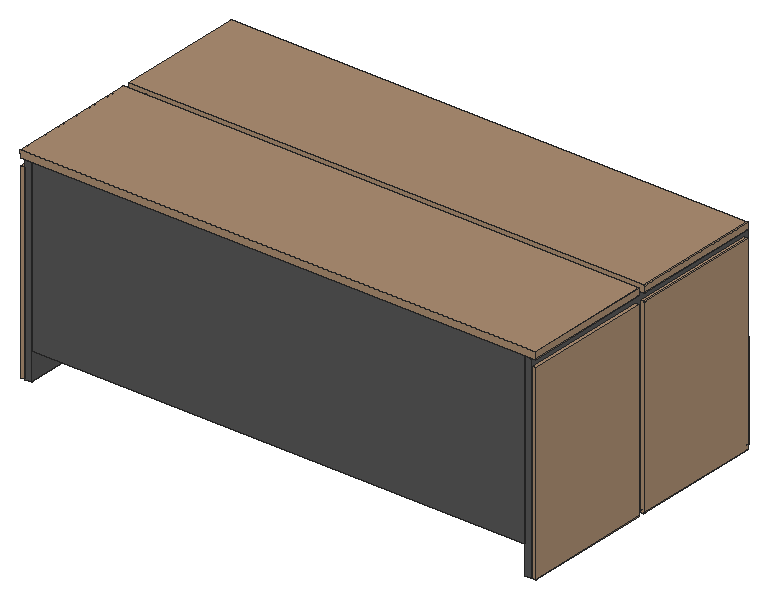
Revit family "Sanitary_Compound-Units_hansgrohe_54264XXX-Xilesa-E-Vanity-unit_1180-470_2-drawer_wash-basin", category Furniture, host Face, Revit 2022
Family settings
  Host = Face
  OmniClass Number = 23.21.19.15.33.13
  OmniClass Title = Residential Bathroom Specialty Casework
  Cut with Voids When Loaded = No
  Render Appearance Source = Family Geometry
  Shared = No
  Room Calculation Point = No
Parameters (values of type "550 Cashmere Oak")
  Version = 1  # constant formula
  URL = "https://www.hansgrohe.com/"
  Product data url = "https://www.bimobject.com/en/hansgrohe/product/54264XXX"
  Product Page URL = "https://www.hansgrohe.com/articledetail--54264550"
  Model = "54264XXX"  # constant formula
  Material 3 = Hansgrohe - Metal - Black
  Material 2 = Hansgrohe - MDF - Matt Black
  Material 1 = Hansgrohe - MDF - 550 Cashmere Oak
  Manufacturer = "Hansgrohe"  # constant formula
  Height = 0 mm
  Description = "Xilesa E Vanity unit 1180/470 with 2 drawers for wash basin"  # constant formula
  Default Elevation = 0 mm
  Date Updated = ""
  Date Created = "2024/02/03"  # constant formula
Types (5, lengths in mm): name | Material 1
  (no name) | Hansgrohe - MDF - 550 Cashmere Oak
  550 Cashmere Oak | Hansgrohe - MDF - 550 Cashmere Oak
  700 Matt White | Hansgrohe - MDF - 700 Matt White
  760 Slate Matt Grey | Hansgrohe - MDF - 760 Slate Matt Grey
  780 Sand Matt Beige | Hansgrohe - MDF - 780 Sand Matt Beige
Reference planes
  plane 1 "Center (Front/Back)": y = 0
  plane 2: z = 0
  plane 3 "Center (Left/Right)": x = 0
  plane 4: x = -590
  plane 5: x = 590
  plane 6: y = -620
  plane 7: z = 468
Dimensions and locks
  aligned and locked: plane 2 to host face
  aligned and locked: level to host face
Nested families
  nested 1: "54264XXX" at (0, -620, 0) x (1, 0, 0) z (0, 1, 0), Material 1 <- "Material 1", Material 2 <- "Material 2", Material 3 <- "Material 3", type "54264XXX"
    with Material 3 Hansgrohe - Metal - Black, Material 2 Hansgrohe - MDF - Matt Black, Material 1 Hansgrohe - MDF - 550 Cashmere Oak
Definition of nested family "54264XXX"
  Parameters (values of type "54264XXX")
    Version = 1  # constant formula
    URL = "https://www.hansgrohe.com/"
    Product data url = "https://www.bimobject.com/en/hansgrohe/product/54262XXX"
    Product Page URL = "https://www.hansgrohe.com/articledetail--54262550"
    Model = "54262XXX"  # constant formula
    Material 3 [instance] = none
    Material 2 [instance] = none
    Material 1 [instance] = none
    Manufacturer = "Hansgrohe"  # constant formula
    Description = "Xilesa E Vanity unit 980/470 with 2 drawers for wash basin"  # constant formula
    Default Elevation = 1219.2 mm
    Date Updated = ""
    Date Created = "2024/12/16"  # constant formula
  Reference planes
    plane 1 "Center (Front/Back)": y = 0
    plane 2: z = 0
    plane 3 "Center (Left/Right)": x = 0
  Forms (mm)
    Extrusion 1, solid, material <- "Material 1", detail levels medium+fine
      sketch origin (0, 0, 0) x (1, 0, 0) y (0, 1, 0)
        loop
          line (-580.6, 0) -> (-589.2, 0)
          arc (-589.2, 0) -> (-589.766, -0.234) -> (-590, -0.8) r 0.8
          line (-590, -0.8) -> (-590, -433.9)
          arc (-590, -433.9) -> (-589.766, -434.466) -> (-589.2, -434.7) r 0.8
          line (-589.2, -434.7) -> (-580.6, -434.7)
          arc (-580.6, -434.7) -> (-580.034, -434.466) -> (-579.8, -433.9) r 0.8
          line (-579.8, -433.9) -> (-579.8, -0.8)
          arc (-579.8, -0.8) -> (-580.034, -0.234) -> (-580.6, 0) r 0.8
        loop
          arc (580.6, 0) -> (580.034, -0.234) -> (579.8, -0.8) r 0.8
          line (579.8, -0.8) -> (579.8, -433.9)
          arc (579.8, -433.9) -> (580.034, -434.466) -> (580.6, -434.7) r 0.8
          line (580.6, -434.7) -> (589.2, -434.7)
          arc (589.2, -434.7) -> (589.766, -434.466) -> (590, -433.9) r 0.8
          line (590, -433.9) -> (590, -0.8)
          arc (590, -0.8) -> (589.766, -0.234) -> (589.2, 0) r 0.8
          line (589.2, 0) -> (580.6, 0)
      from 0 to 295
    Extrusion 2, solid, material <- "Material 1", detail levels medium+fine
      sketch origin (0, -90, 0) x (1, 0, 0) y (0, 1, 0)
        loop
          line (-589.2, -378) -> (589.2, -378)
          arc (589.2, -378) -> (589.766, -377.766) -> (590, -377.2) r 0.8
          line (590, -377.2) -> (590, -362.5)
          arc (590, -362.5) -> (589.766, -361.934) -> (589.2, -361.7) r 0.8
          line (589.2, -361.7) -> (-589.2, -361.7)
          arc (-589.2, -361.7) -> (-589.766, -361.934) -> (-590, -362.5) r 0.8
          line (-590, -362.5) -> (-590, -377.2)
          arc (-590, -377.2) -> (-589.766, -377.766) -> (-589.2, -378) r 0.8
      from 0 to 295
    Extrusion 3, solid, material <- "Material 2", detail levels medium+fine
      sketch origin (0, 0, 0) x (1, 0, 0) y (0, 1, 0)
        loop
          line (-579.8, -0.8) -> (-579.8, -448.9)
          arc (-579.8, -448.9) -> (-579.566, -449.466) -> (-579, -449.7) r 0.8
          line (-579, -449.7) -> (-564.6, -449.7)
          arc (-564.6, -449.7) -> (-564.034, -449.466) -> (-563.8, -448.9) r 0.8
          line (-563.8, -448.9) -> (-563.8, -0.8)
          arc (-563.8, -0.8) -> (-564.034, -0.234) -> (-564.6, 0) r 0.8
          line (-564.6, 0) -> (-579, 0)
          arc (-579, 0) -> (-579.566, -0.234) -> (-579.8, -0.8) r 0.8
        loop
          arc (579.8, -0.8) -> (579.566, -0.234) -> (579, 0) r 0.8
          line (579, 0) -> (564.6, 0)
          arc (564.6, 0) -> (564.034, -0.234) -> (563.8, -0.8) r 0.8
          line (563.8, -0.8) -> (563.8, -448.9)
          arc (563.8, -448.9) -> (564.034, -449.466) -> (564.6, -449.7) r 0.8
          line (564.6, -449.7) -> (579, -449.7)
          arc (579, -449.7) -> (579.566, -449.466) -> (579.8, -448.9) r 0.8
          line (579.8, -448.9) -> (579.8, -0.8)
      from 0 to 620
    Extrusion 4, solid, material <- "Material 2", detail levels fine
      sketch origin (0, 0, 0) x (1, 0, 0) y (0, 1, 0)
        loop
          line (-563.8, -65.2) -> (-563.8, -81.2) -> (563.8, -81.2) -> (563.8, -65.2) -> (-563.8, -65.2)
      from 17 to 125
    Extrusion 5, solid, material <- "Material 2", detail levels fine
      sketch origin (0, 0, 0) x (1, 0, 0) y (0, 1, 0)
        loop
          line (-563.8, -64.7) -> (-563.8, -451.7) -> (563.8, -451.7) -> (563.8, -64.7) -> (-563.8, -64.7)
      from 1 to 17
    Extrusion 6, solid, material <- "Material 3", detail levels fine
      sketch origin (0, -90, 0) x (1, 0, 0) y (0, 1, 0)
        loop
          line (-562.3, -356.9) -> (-562.3, -329.2) -> (-563.8, -329.2) -> (-563.8, -356.9)
          arc (-563.8, -356.9) -> (-563.126, -358.527) -> (-561.5, -359.2) r 2.3
          line (-561.5, -359.2) -> (561.5, -359.2)
          arc (561.5, -359.2) -> (563.126, -358.527) -> (563.8, -356.9) r 2.3
          line (563.8, -356.9) -> (563.8, -329.2) -> (562.3, -329.2) -> (562.3, -356.9)
          arc (562.3, -356.9) -> (562.066, -357.466) -> (561.5, -357.7) r 0.8
          line (561.5, -357.7) -> (-561.5, -357.7)
          arc (-561.5, -357.7) -> (-562.066, -357.466) -> (-562.3, -356.9) r 0.8
      from 569.5 to 619.5
    Extrusion 7, solid, material <- "Material 3", detail levels fine
      sketch origin (350, 0, 1) x (1, 0, 0) y (0, 0, 1)
        loop
          line (198.3, 213.03) -> (198.3, 231.03) -> (183.3, 231.03) -> (183.3, 224.03) -> (192.95, 224.03) -> (192.95, 213.03) -> (198.3, 213.03)
      from 88.7 to 361.7
    Extrusion 8, solid, material <- "Material 3", detail levels fine
      sketch origin (350, 0, 1) x (1, 0, 0) y (0, 0, 1)
        loop
          line (200.05, 211.28) -> (200.05, 232.78) -> (181.55, 232.78) -> (181.55, 211.28) -> (200.05, 211.28)
      from 451.7 to 361.7
    Extrusion 9, solid, material <- "Material 3", detail levels fine
      sketch origin (0, 0, 1) x (1, 0, 0) y (0, 0, 1)
        loop
          line (-542.5, 223.8) -> (-542.5, 113.608) -> (-548.2, 97.947) -> (-548.2, 48) -> (-519.9, 48) -> (-519.9, 223.8) -> (-542.5, 223.8)
        loop
          line (542.5, 223.8) -> (519.9, 223.8) -> (519.9, 48) -> (548.2, 48) -> (548.2, 97.947) -> (542.5, 113.608) -> (542.5, 223.8)
      from 91.9 to 109.4
    Extrusion 10, void
      sketch origin (0, 0, 1) x (1, 0, 0) y (0, 0, 1)
        loop
          line (-541.5, 222.8) -> (-541.5, 113.431) -> (-547.2, 97.771) -> (-547.2, 49) -> (-520.9, 49) -> (-520.9, 222.8) -> (-541.5, 222.8)
        loop
          line (541.5, 222.8) -> (520.9, 222.8) -> (520.9, 49) -> (547.2, 49) -> (547.2, 97.771) -> (541.5, 113.431) -> (541.5, 222.8)
      from 91.9 to 108.7
    Extrusion 11, solid, material <- "Material 2", detail levels fine
      sketch origin (0, 0, 0) x (0, 1, 0) y (0, 0, 1)
        loop
          line (-92.7, 35.48) -> (-92.7, 114.5)
          arc (-92.7, 114.5) -> (-92.847, 114.854) -> (-93.2, 115) r 0.5
          line (-93.2, 115) -> (-108.2, 115)
          arc (-108.2, 115) -> (-108.554, 114.854) -> (-108.7, 114.5) r 0.5
          line (-108.7, 114.5) -> (-108.7, 35.48)
          arc (-108.7, 35.48) -> (-108.554, 35.126) -> (-108.2, 34.98) r 0.5
          line (-108.2, 34.98) -> (-93.2, 34.98)
          arc (-93.2, 34.98) -> (-92.847, 35.126) -> (-92.7, 35.48) r 0.5
      from -520 to 520
    Extrusion 12, solid, material <- "Material 3", detail levels fine
      sketch origin (-350, 0, 1) x (-1, 0, 0) y (0, 0, -1)
        loop
          line (198.3, -213.03) -> (192.95, -213.03) -> (192.95, -224.03) -> (183.3, -224.03) -> (183.3, -231.03) -> (198.3, -231.03) -> (198.3, -213.03)
      from 88.7 to 361.7
    Extrusion 13, solid, material <- "Material 3", detail levels fine
      sketch origin (-350, 0, 1) x (-1, 0, 0) y (0, 0, -1)
        loop
          line (200.05, -211.28) -> (181.55, -211.28) -> (181.55, -232.78) -> (200.05, -232.78) -> (200.05, -211.28)
      from 451.7 to 361.7
    Extrusion 14, solid, material <- "Material 1", detail levels coarse
      sketch origin (0, 0, 0) x (1, 0, 0) y (0, 1, 0)
        loop
          line (-590, -468) -> (590, -468) -> (590, 0) -> (563.8, 0) -> (563.8, -451.7) -> (-563.8, -451.7) -> (-563.8, 0) -> (-590, 0) -> (-590, -468)
      from 0 to 620
    Extrusion 15, solid, material <- "Material 1", detail levels medium+fine
      sketch origin (0, 0, 0) x (1, 0, 0) y (0, 1, 0)
        loop
          line (-580.6, 0) -> (-589.2, 0)
          arc (-589.2, 0) -> (-589.766, -0.234) -> (-590, -0.8) r 0.8
          line (-590, -0.8) -> (-590, -433.9)
          arc (-590, -433.9) -> (-589.766, -434.466) -> (-589.2, -434.7) r 0.8
          line (-589.2, -434.7) -> (-580.6, -434.7)
          arc (-580.6, -434.7) -> (-580.034, -434.466) -> (-579.8, -433.9) r 0.8
          line (-579.8, -433.9) -> (-579.8, -0.8)
          arc (-579.8, -0.8) -> (-580.034, -0.234) -> (-580.6, 0) r 0.8
        loop
          arc (580.6, 0) -> (580.034, -0.234) -> (579.8, -0.8) r 0.8
          line (579.8, -0.8) -> (579.8, -433.9)
          arc (579.8, -433.9) -> (580.034, -434.466) -> (580.6, -434.7) r 0.8
          line (580.6, -434.7) -> (589.2, -434.7)
          arc (589.2, -434.7) -> (589.766, -434.466) -> (590, -433.9) r 0.8
          line (590, -433.9) -> (590, -0.8)
          arc (590, -0.8) -> (589.766, -0.234) -> (589.2, 0) r 0.8
          line (589.2, 0) -> (580.6, 0)
      from 310 to 605
    Extrusion 16, solid, material <- "Material 1", detail levels medium+fine
      sketch origin (0, -90, 0) x (1, 0, 0) y (0, 1, 0)
        loop
          line (-589.2, -378) -> (589.2, -378)
          arc (589.2, -378) -> (589.766, -377.766) -> (590, -377.2) r 0.8
          line (590, -377.2) -> (590, -362.5)
          arc (590, -362.5) -> (589.766, -361.934) -> (589.2, -361.7) r 0.8
          line (589.2, -361.7) -> (-589.2, -361.7)
          arc (-589.2, -361.7) -> (-589.766, -361.934) -> (-590, -362.5) r 0.8
          line (-590, -362.5) -> (-590, -377.2)
          arc (-590, -377.2) -> (-589.766, -377.766) -> (-589.2, -378) r 0.8
      from 310 to 605
    Extrusion 17, solid, material <- "Material 2", detail levels fine
      sketch origin (0, 0, 311) x (1, 0, 0) y (0, 0, 1)
        loop
          line (-522.898, 33.98) -> (522.898, 33.98) -> (522.898, 48.98) -> (-522.898, 48.98) -> (-522.898, 33.98)
      from 109.4 to 451.7
    Extrusion 18, solid, material <- "Material 3", detail levels fine
      sketch origin (350, 0, 311) x (1, 0, 0) y (0, 0, 1)
        loop
          line (198.3, 213.03) -> (198.3, 231.03) -> (183.3, 231.03) -> (183.3, 224.03) -> (192.95, 224.03) -> (192.95, 213.03) -> (198.3, 213.03)
      from 88.7 to 361.7
    Extrusion 19, solid, material <- "Material 3", detail levels fine
      sketch origin (350, 0, 311) x (1, 0, 0) y (0, 0, 1)
        loop
          line (200.05, 211.28) -> (200.05, 232.78) -> (181.55, 232.78) -> (181.55, 211.28) -> (200.05, 211.28)
      from 451.7 to 361.7
    Extrusion 20, solid, material <- "Material 3", detail levels fine
      sketch origin (0, 0, 311) x (1, 0, 0) y (0, 0, 1)
        loop
          line (-542.5, 223.8) -> (-542.5, 113.608) -> (-548.2, 97.947) -> (-548.2, 48) -> (-519.9, 48) -> (-519.9, 223.8) -> (-542.5, 223.8)
        loop
          line (542.5, 223.8) -> (519.9, 223.8) -> (519.9, 48) -> (548.2, 48) -> (548.2, 97.947) -> (542.5, 113.608) -> (542.5, 223.8)
      from 91.9 to 109.4
    Extrusion 21, void
      sketch origin (0, 0, 311) x (1, 0, 0) y (0, 0, 1)
        loop
          line (-541.5, 222.8) -> (-541.5, 113.431) -> (-547.2, 97.771) -> (-547.2, 49) -> (-520.9, 49) -> (-520.9, 222.8) -> (-541.5, 222.8)
        loop
          line (541.5, 222.8) -> (520.9, 222.8) -> (520.9, 49) -> (547.2, 49) -> (547.2, 97.771) -> (541.5, 113.431) -> (541.5, 222.8)
      from 91.9 to 108.7
    Extrusion 22, solid, material <- "Material 3", detail levels fine
      sketch origin (-350, 0, 311) x (-1, 0, 0) y (0, 0, -1)
        loop
          line (198.3, -213.03) -> (192.95, -213.03) -> (192.95, -224.03) -> (183.3, -224.03) -> (183.3, -231.03) -> (198.3, -231.03) -> (198.3, -213.03)
      from 88.7 to 361.7
    Extrusion 23, solid, material <- "Material 3", detail levels fine
      sketch origin (-350, 0, 311) x (-1, 0, 0) y (0, 0, -1)
        loop
          line (200.05, -211.28) -> (181.55, -211.28) -> (181.55, -232.78) -> (200.05, -232.78) -> (200.05, -211.28)
      from 451.7 to 361.7
    Extrusion 24, solid, material <- "Material 3", detail levels fine
      sketch origin (0, -90, 0) x (1, 0, 0) y (0, 1, 0)
        loop
          line (-562.3, -356.9) -> (-562.3, -329.2) -> (-563.8, -329.2) -> (-563.8, -356.9)
          arc (-563.8, -356.9) -> (-563.126, -358.527) -> (-561.5, -359.2) r 2.3
          line (-561.5, -359.2) -> (561.5, -359.2)
          arc (561.5, -359.2) -> (563.126, -358.527) -> (563.8, -356.9) r 2.3
          line (563.8, -356.9) -> (563.8, -329.2) -> (562.3, -329.2) -> (562.3, -356.9)
          arc (562.3, -356.9) -> (562.066, -357.466) -> (561.5, -357.7) r 0.8
          line (561.5, -357.7) -> (-561.5, -357.7)
          arc (-561.5, -357.7) -> (-562.066, -357.466) -> (-562.3, -356.9) r 0.8
      from 277 to 327
    Extrusion 25, solid, material <- "Material 2", detail levels fine
      sketch origin (0, 0, 1) x (1, 0, 0) y (0, 0, 1)
        loop
          line (-522.898, 33.98) -> (522.898, 33.98) -> (522.898, 48.98) -> (-522.898, 48.98) -> (-522.898, 33.98)
      from 109.4 to 451.7
    Extrusion 26, solid, material <- "Material 2", detail levels fine
      sketch origin (0, 0, 310) x (0, 1, 0) y (0, 0, 1)
        loop
          line (-92.7, 35.48) -> (-92.7, 114.5)
          arc (-92.7, 114.5) -> (-92.847, 114.854) -> (-93.2, 115) r 0.5
          line (-93.2, 115) -> (-108.2, 115)
          arc (-108.2, 115) -> (-108.554, 114.854) -> (-108.7, 114.5) r 0.5
          line (-108.7, 114.5) -> (-108.7, 35.48)
          arc (-108.7, 35.48) -> (-108.554, 35.127) -> (-108.2, 34.98) r 0.5
          line (-108.2, 34.98) -> (-93.2, 34.98)
          arc (-93.2, 34.98) -> (-92.847, 35.127) -> (-92.7, 35.48) r 0.5
      from -520 to 520
    Extrusion 27, solid, material <- "Material 3", detail levels fine
      sketch origin (0, 0, 311) x (1, 0, 0) y (0, 0, 1)
        loop
          line (552.091, 33.98) -> (552.091, 115.48) -> (533.591, 115.48) -> (532.786, 100.114) -> (530.22, 99.98) -> (527.791, 53.623)
          arc (527.791, 53.623) -> (526.271, 50.325) -> (522.898, 48.98) r 4.9
          line (522.898, 48.98) -> (522.898, 33.98) -> (552.091, 33.98)
        loop
          line (-552.091, 33.98) -> (-522.898, 33.98) -> (-522.898, 48.98)
          arc (-522.898, 48.98) -> (-526.271, 50.325) -> (-527.791, 53.623) r 4.9
          line (-527.791, 53.623) -> (-530.22, 99.98) -> (-532.786, 100.114) -> (-533.591, 115.48) -> (-552.091, 115.48) -> (-552.091, 33.98)
      from 109.4 to 451.7
    Extrusion 28, solid, material <- "Material 3", detail levels fine
      sketch origin (0, 0, 1) x (1, 0, 0) y (0, 0, 1)
        loop
          line (552.091, 33.98) -> (552.091, 115.48) -> (533.591, 115.48) -> (532.786, 100.114) -> (530.22, 99.98) -> (527.791, 53.623)
          arc (527.791, 53.623) -> (526.271, 50.325) -> (522.898, 48.98) r 4.9
          line (522.898, 48.98) -> (522.898, 33.98) -> (552.091, 33.98)
        loop
          line (-552.091, 33.98) -> (-522.898, 33.98) -> (-522.898, 48.98)
          arc (-522.898, 48.98) -> (-526.271, 50.325) -> (-527.791, 53.623) r 4.9
          line (-527.791, 53.623) -> (-530.22, 99.98) -> (-532.786, 100.114) -> (-533.591, 115.48) -> (-552.091, 115.48) -> (-552.091, 33.98)
      from 109.4 to 451.7
  Cuts and joins
    Extrusion 10 cuts Extrusion 9
    Extrusion 21 cuts Extrusion 20
  Lines and regions (mm)
    Masking region 1
      outline origin (0, 0, 0) x (1, 0, 0) y (0, 1, 0)
        loop
          line (-590, -0.8) -> (-590, -433.9)
          arc (-590, -433.9) -> (-589.766, -434.466) -> (-589.2, -434.7) r 0.8
          line (-589.2, -434.7) -> (-580.6, -434.7)
          arc (-580.6, -434.7) -> (-580.034, -434.466) -> (-579.8, -433.9) r 0.8
          line (-579.8, -433.9) -> (-579.8, -451.7) -> (-589.2, -451.7)
          arc (-589.2, -451.7) -> (-589.766, -451.934) -> (-590, -452.5) r 0.8
          line (-590, -452.5) -> (-590, -467.2)
          arc (-590, -467.2) -> (-589.766, -467.766) -> (-589.2, -468) r 0.8
          line (-589.2, -468) -> (0, -468) -> (589.2, -468)
          arc (589.2, -468) -> (589.766, -467.766) -> (590, -467.2) r 0.8
          line (590, -467.2) -> (590, -452.5)
          arc (590, -452.5) -> (589.766, -451.934) -> (589.2, -451.7) r 0.8
          line (589.2, -451.7) -> (579.8, -451.7) -> (579.8, -433.9)
          arc (579.8, -433.9) -> (580.034, -434.466) -> (580.6, -434.7) r 0.8
          line (580.6, -434.7) -> (589.2, -434.7)
          arc (589.2, -434.7) -> (589.766, -434.466) -> (590, -433.9) r 0.8
          line (590, -433.9) -> (590, -0.8)
          arc (590, -0.8) -> (589.766, -0.234) -> (589.2, 0) r 0.8
          line (589.2, 0) -> (580.6, 0)
          arc (580.6, 0) -> (580.034, -0.234) -> (579.8, -0.8) r 0.8
          arc (579.8, -0.8) -> (579.566, -0.234) -> (579, 0) r 0.8
          line (579, 0) -> (564.6, 0)
          arc (564.6, 0) -> (564.034, -0.234) -> (563.8, -0.8) r 0.8
          line (563.8, -0.8) -> (563.8, -64.7) -> (0, -64.7) -> (-563.8, -64.7) -> (-563.8, -0.8)
          arc (-563.8, -0.8) -> (-564.034, -0.234) -> (-564.6, 0) r 0.8
          line (-564.6, 0) -> (-579, 0)
          arc (-579, 0) -> (-579.566, -0.234) -> (-579.8, -0.8) r 0.8
          arc (-579.8, -0.8) -> (-580.034, -0.234) -> (-580.6, 0) r 0.8
          line (-580.6, 0) -> (-589.2, 0)
          arc (-589.2, 0) -> (-589.766, -0.234) -> (-590, -0.8) r 0.8
    Masking region 2
      outline origin (0, 0, 0) x (0, 1, 0) y (0, 0, 1)
        loop
          line (-449.7, 620) -> (-449.7, 543.78) -> (-451.7, 543.78) -> (-451.7, 605) -> (-468, 605) -> (-468, 310) -> (-451.7, 310) -> (-451.7, 344.98) -> (-449.7, 344.98) -> (-449.7, 233.78) -> (-451.7, 233.78) -> (-451.7, 295) -> (-468, 295) -> (-468, 0) -> (-451.7, 0) -> (-451.7, 34.98) -> (-449.7, 34.98) -> (-449.7, 0) -> (0, 0) -> (0, 620) -> (-449.7, 620)
    Masking region 3
      outline origin (0, 0, 0) x (1, 0, 0) y (0, 0, 1)
        loop
          line (-590, 605) -> (-590, 310) -> (-579.8, 310) -> (-579.8, 295) -> (-590, 295) -> (-590, 0) -> (0, 0) -> (590, 0) -> (590, 295) -> (579.8, 295) -> (579.8, 310) -> (590, 310) -> (590, 605) -> (579.8, 605) -> (579.8, 620) -> (0, 620) -> (-579.8, 620) -> (-579.8, 605) -> (-590, 605)
    symbolic lines, detail levels medium+fine
      curve 1: line (-579.8, -451.7, 0) -> (0, -451.7, 0)
      curve 2: line (-563.8, -64.7, 0) -> (-563.8, -451.7, 0)
      curve 3: line (-579.8, -0.8, 0) -> (-579.8, -433.9, 0)
      curve 4: line (-563.8, -81.2, 0) -> (0, -81.2, 0)
      curve 25: line (579.8, -451.7, 0) -> (0, -451.7, 0)
      curve 26: line (563.8, -64.7, 0) -> (563.8, -451.7, 0)
      curve 27: line (579.8, -0.8, 0) -> (579.8, -433.9, 0)
      curve 28: line (563.8, -81.2, 0) -> (0, -81.2, 0)
      curve 49: line (0, -451.7, 33.98) -> (0, -451.7, 233.78)
      curve 50: line (0, -449.7, 543.78) -> (0, -449.7, 344.98)
      curve 53: line (0, -451.7, 212.28) -> (0, -449.7, 212.28)
      curve 54: line (0, -451.7, 116.48) -> (0, -449.7, 116.48)
      curve 55: line (-579.8, 0, 605) -> (579.8, 0, 605)
      curve 56: line (-563.8, 0, 620) -> (-563.8, 0, 605)
      curve 57: line (563.8, 0, 620) -> (563.8, 0, 605)
      curve 62: line (0, -451.7, 344.98) -> (0, -451.7, 543.78)
      curve 63: line (0, -449.7, 233.78) -> (0, -449.7, 33.98)
      curve 65: line (-579.8, 0, 310) -> (579.8, 0, 310)
      curve 66: line (579.8, 0, 295) -> (-579.8, 0, 295)
    symbolic lines, detail levels fine
      curve 5: line (-552.091, -81.2, 0) -> (-552.091, -447.7, 0)
      curve 6: line (-530.22, -81.2, 0) -> (-530.22, -91.9, 0)
      curve 7: line (0, -91.9, 0) -> (-533.3, -91.9, 0)
      curve 8: line (-533.3, -109.4, 0) -> (0, -109.4, 0)
      curve 9: line (-548.3, -88.7, 0) -> (-548.3, -361.7, 0)
      curve 10: line (-533.3, -88.7, 0) -> (-548.3, -88.7, 0)
      curve 11: line (-550.05, -361.7, 0) -> (-550.05, -447.7, 0)
      curve 12: line (-550.05, -361.7, 0) -> (-531.55, -361.7, 0)
      curve 13: line (-531.55, -361.7, 0) -> (-531.55, -447.7, 0)
      curve 14: line (0, -447.7, 0) -> (-561.5, -447.7, 0)
      curve 15: arc (-561.5, -447.7, 0) -> (-562.066, -447.466, 0) -> (-562.3, -446.9, 0) r 0.8
      curve 16: line (-562.3, -446.9, 0) -> (-562.3, -419.2, 0)
      curve 17: line (-562.3, -419.2, 0) -> (-563.8, -419.2, 0)
      curve 18: arc (-563.8, -446.9, 0) -> (-563.126, -448.527, 0) -> (-561.5, -449.2, 0) r 2.3
      curve 19: line (-561.5, -449.2, 0) -> (0, -449.2, 0)
      curve 20: line (-552.091, -449.2, 0) -> (-552.091, -451.7, 0)
      curve 21: line (-550.05, -449.2, 0) -> (-550.05, -451.7, 0)
      curve 22: line (-533.3, -361.7, 0) -> (-533.3, -88.7, 0)
      curve 23: line (-531.55, -449.2, 0) -> (-531.55, -451.7, 0)
      curve 24: line (-530.22, -449.2, 0) -> (-530.22, -451.7, 0)
      curve 29: line (552.091, -81.2, 0) -> (552.091, -447.7, 0)
      curve 30: line (530.22, -81.2, 0) -> (530.22, -91.9, 0)
      curve 31: line (0, -91.9, 0) -> (533.3, -91.9, 0)
      curve 32: line (533.3, -109.4, 0) -> (0, -109.4, 0)
      curve 33: line (548.3, -88.7, 0) -> (548.3, -361.7, 0)
      curve 34: line (533.3, -88.7, 0) -> (548.3, -88.7, 0)
      curve 35: line (550.05, -361.7, 0) -> (550.05, -447.7, 0)
      curve 36: line (550.05, -361.7, 0) -> (531.55, -361.7, 0)
      curve 37: line (531.55, -361.7, 0) -> (531.55, -447.7, 0)
      curve 38: line (0, -447.7, 0) -> (561.5, -447.7, 0)
      curve 39: arc (561.5, -447.7, 0) -> (562.066, -447.466, 0) -> (562.3, -446.9, 0) r 0.8
      curve 40: line (562.3, -446.9, 0) -> (562.3, -419.2, 0)
      curve 41: line (562.3, -419.2, 0) -> (563.8, -419.2, 0)
      curve 42: arc (563.8, -446.9, 0) -> (563.126, -448.527, 0) -> (561.5, -449.2, 0) r 2.3
      curve 43: line (561.5, -449.2, 0) -> (0, -449.2, 0)
      curve 44: line (552.091, -449.2, 0) -> (552.091, -451.7, 0)
      curve 45: line (550.05, -449.2, 0) -> (550.05, -451.7, 0)
      curve 46: line (533.3, -361.7, 0) -> (533.3, -88.7, 0)
      curve 47: line (531.55, -449.2, 0) -> (531.55, -451.7, 0)
      curve 48: line (530.22, -449.2, 0) -> (530.22, -451.7, 0)
      curve 51: line (0, 0, 605) -> (0, -434.7, 605)
      curve 52: line (0, -434.7, 605) -> (0, -434.7, 310)
      curve 58: line (0, -434.7, 310) -> (0, 0, 310)
      curve 59: line (0, 0, 295) -> (0, -434.7, 295)
      curve 60: line (0, -434.7, 295) -> (0, -434.7, 0)
      curve 61: line (0, -451.7, 522.28) -> (0, -449.7, 522.28)
      curve 64: line (0, -449.7, 426.5) -> (0, -451.7, 426.5)
      curve 67: line (530.22, -109.4, 0) -> (530.22, -447.7, 0)
      curve 68: line (-530.22, -109.4, 0) -> (-530.22, -447.7, 0)
  Dimensions and locks
    aligned and locked: level to plane 2
    aligned and locked: Extrusion 18 to Extrusion 19
